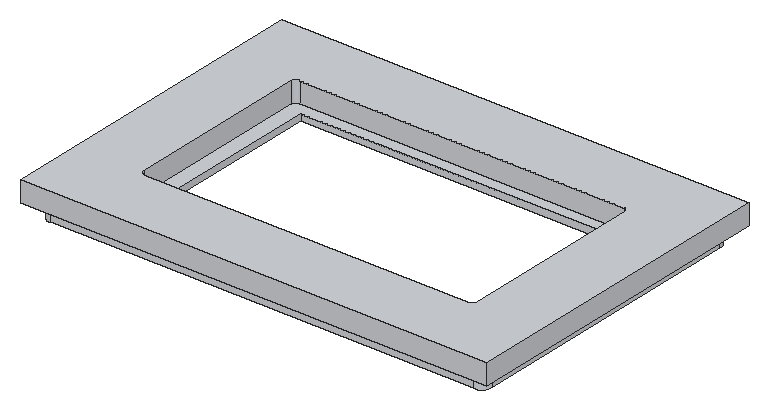
Revit family "Gira_100118", category Electrical Fixtures, host Face, Revit 2017
Family settings
  Host = Face
  Maintain Annotation Orientation = No
  Round Connector Dimension = Use Diameter
  Part Type = Normal
  Cut with Voids When Loaded = No
  Shared = No
  Room Calculation Point = No
Parameters (values of type "Cov.fr. 1.5-g Gira Esprit mint gl.")
  With mounting grid = "No"
  With hinged lid = "No"
  URL = "http://katalog.gira.de/en/datenblatt.html?artikelnr=100118"
  Type of fastening = "Clamp mounting"
  Transparent = "No"
  Surface protection = "Other"
  Suitable for wall duct = "No"
  Suitable for flush-mounted installation = "Yes"
  Suitable for floor box = "No"
  Suitable for built-in installation = "No"
  Number of units vertical = "1,5"
  Number of units horizontal = "1,5"
  Number of units = "1"
  Name = "Cov.fr. 1.5-g Gira Esprit mint gl."
  Mounting direction = "Horizontal and vertical"
  Material quality = "Real glass"
  Material = "Glass"
  Manufacturer URL = "https://www.gira.de/"
  Manufacturer = "Gira"
  Label space/information surface = "No"
  Keynote = ""
  HeinzeBIM = "https://bimportal.heinze.de/bim/cov-fr-1-5-g-gira-esprit-mint-gl-/fcb154be57e18b225a62d0c8604a36cd3adfc662"
  Halogen free = "Yes"
  HAN = "100118"
  GTIN = "4010337881360"
  Description = "Cov.fr.1.5g Espr. GMi,Gira Esprit cover frame,mint glass,1.5-gang,"
  Degree of protection (IP) = "IP20"
  Default Elevation = 1219.2 mm
  Data sheet (1) = "https://katalog.gira.de/en/download.html?artikelnr=100118"
  Colour = "Other"
  Category = "Cover frame for domestic switching devices"
  BIM (1) = "https://media.stage.bim.site/public/gira/36a6b08/Espr._Rahmen_1,5fach.rfa"
  Available = "No"
Reference planes
  plane 1 "Center (Front/Back)": y = 0
  plane 2: z = 0
  plane 3 "Center (Left/Right)": x = 0
Forms (mm)
  Extrusion 1, solid, detail levels fine
    sketch origin (0, 0, 0) x (1, 0, 0) y (0, 1, 0)
      loop
        line (-67.75, 47.5) -> (-67.75, -47.5) -> (67.75, -47.5) -> (67.75, 47.5) -> (-67.75, 47.5)
      loop
        arc (-48.5, -26.7) -> (-48.061, -27.761) -> (-47, -28.2) r 1.5
        line (-47, -28.2) -> (47, -28.2)
        arc (47, -28.2) -> (48.061, -27.761) -> (48.5, -26.7) r 1.5
        line (48.5, -26.7) -> (48.5, 26.7)
        arc (48.5, 26.7) -> (48.061, 27.761) -> (47, 28.2) r 1.5
        line (47, 28.2) -> (-47, 28.2)
        arc (-47, 28.2) -> (-48.061, 27.761) -> (-48.5, 26.7) r 1.5
        line (-48.5, 26.7) -> (-48.5, -26.7)
    from 0 to 6
  Extrusion 2, solid, detail levels fine
    sketch origin (0, 0, 0) x (1, 0, 0) y (0, 1, 0)
      loop
        arc (-61.479, 44.4) -> (-63.615, 43.515) -> (-64.5, 41.379) r 3.021
        line (-64.5, 41.379) -> (-64.5, -41.379)
        arc (-64.5, -41.379) -> (-63.615, -43.515) -> (-61.479, -44.4) r 3.021
        line (-61.479, -44.4) -> (61.479, -44.4)
        arc (61.479, -44.4) -> (63.615, -43.515) -> (64.5, -41.379) r 3.021
        line (64.5, -41.379) -> (64.5, 41.379)
        arc (64.5, 41.379) -> (63.615, 43.515) -> (61.479, 44.4) r 3.021
        line (61.479, 44.4) -> (-61.479, 44.4)
      loop
        arc (-61.4, 43.1) -> (-62.673, 42.573) -> (-63.2, 41.3) r 1.8
        line (-63.2, 41.3) -> (-63.2, -41.4)
        arc (-63.2, -41.4) -> (-62.673, -42.673) -> (-61.4, -43.2) r 1.8
        line (-61.4, -43.2) -> (61.4, -43.2)
        arc (61.4, -43.2) -> (62.673, -42.673) -> (63.2, -41.4) r 1.8
        line (63.2, -41.4) -> (63.2, 41.3)
        arc (63.2, 41.3) -> (62.673, 42.573) -> (61.4, 43.1) r 1.8
        line (61.4, 43.1) -> (-61.4, 43.1)
    from -4.1 to 0
  Extrusion 3, solid, detail levels fine
    sketch origin (0, 0, 0) x (1, 0, 0) y (0, 1, 0)
      loop
        arc (-63.2, -41.4) -> (-62.673, -42.673) -> (-61.4, -43.2) r 1.8
        line (-61.4, -43.2) -> (61.4, -43.2)
        arc (61.4, -43.2) -> (62.673, -42.673) -> (63.2, -41.4) r 1.8
        line (63.2, -41.4) -> (63.2, 41.3)
        arc (63.2, 41.3) -> (62.673, 42.573) -> (61.4, 43.1) r 1.8
        line (61.4, 43.1) -> (-61.4, 43.1)
        arc (-61.4, 43.1) -> (-62.673, 42.573) -> (-63.2, 41.3) r 1.8
        line (-63.2, 41.3) -> (-63.2, -41.4)
      loop
        line (44, -24.75) -> (44, 24.75) -> (-44, 24.75) -> (-44, -24.75) -> (44, -24.75)
    from -1.9 to 0
  Extrusion 4, solid, detail levels medium
    sketch origin (0, 0, 0) x (1, 0, 0) y (0, 1, 0)
      loop
        line (-67.75, 47.5) -> (-67.75, -47.5) -> (67.75, -47.5) -> (67.75, 47.5) -> (-67.75, 47.5)
    from 0 to 6
  Extrusion 5, solid, detail levels medium
    sketch origin (0, 0, 0) x (1, 0, 0) y (0, 1, 0)
      loop
        line (-64.5, 44.4) -> (-64.5, -44.4) -> (64.5, -44.4) -> (64.5, 44.4) -> (-64.5, 44.4)
    from -4.1 to 0
  Extrusion 6, solid, detail levels coarse
    sketch origin (0, 0, 0) x (1, 0, 0) y (0, 1, 0)
      loop
        line (-67.75, 47.5) -> (-67.75, -47.5) -> (67.75, -47.5) -> (67.75, 47.5) -> (-67.75, 47.5)
    from -4.1 to 6
Dimensions and locks
  aligned and locked: plane 2 to host face
  aligned and locked: level to host face
